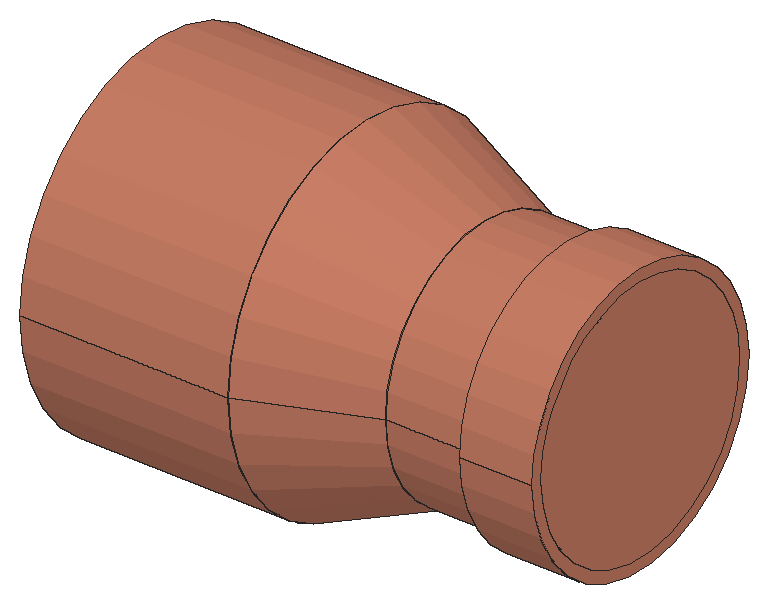
Revit family "FittingReducer-B-PressXL-Water-Gas-Conex-65-100mm", category Pipe Fittings, Revit 2019
Family settings
  Round Connector Dimension = Use Diameter
  Part Type = Transition
  OmniClass Number = 23.60.30.11.14
  OmniClass Title = Pipework Fittings
  Work Plane-Based = No
  Always vertical = Yes
  Cut with Voids When Loaded = No
  Shared = No
Parameters (values of type "Water")
  Z [instance] = if(NominalDiameter_1 > NominalDiameter_2, size_lookup(Lookup Table Name, "Z", L * 0.7, NominalDiameter_1, NominalDiameter_2, WorkingFluidSelector_Validation), size_lookup(Lookup Table Name, "Z", L * 0.7, NominalDiameter_2, NominalDiameter_1, WorkingFluidSelector_Validation))  # 96 mm
  WorkingFluidSelector_Validation [instance] = 2
  WorkingFluidSelector [instance] = WorkingFluidSelector_Validation  # 2
  WorkingFluid [instance] = if(WorkingFluidSelector = 1, "Gas", if(WorkingFluidSelector = 2, "Water", "WorkingFluid NA"))  # "Water"
  Uniformat IIElements = "TBC"
  URL = "http://www.conexbanninger.com.au/products/b-press-fittings#t=b-press-xl"
  Type Comments = "TBC"
  SerialNumber [instance] = ""
  SealRingLength [instance] = EngagementLength * 0.35  # 21 mm
  RightSideSealRingDiameter [instance] = NominalDiameter_2 * 1.2  # 78 mm
  LeftSideSealRingDiameter [instance] = NominalDiameter_1 * 1.2  # 120 mm
  RightSocketLength [instance] = if(NominalDiameter_1 < NominalDiameter_2, EngagementLength, L - (Z - 2 mm))  # 45 mm
  RightSocketDepth [instance] = if(NominalDiameter_1 < NominalDiameter_2, 0 mm, L - Z)  # 43 mm
  ProductCode [instance] = if(and(NominalDiameter_1 = 65 mm, NominalDiameter_2 = 40 mm, WorkingFluidSelector = 1), "404897", if(and(NominalDiameter_1 = 40 mm, NominalDiameter_2 = 65 mm, WorkingFluidSelector = 1), "404897", if(and(NominalDiameter_1 = 65 mm, NominalDiameter_2 = 50 mm, WorkingFluidSelector = 1), "404898", if(and(NominalDiameter_1 = 50 mm, NominalDiameter_2 = 65 mm, WorkingFluidSelector = 1), "404898", if(and(NominalDiameter_1 = 80 mm, NominalDiameter_2 = 50 mm, WorkingFluidSelector = 1), "404899", if(and(NominalDiameter_1 = 50 mm, NominalDiameter_2 = 80 mm, WorkingFluidSelector = 1), "404899", if(and(NominalDiameter_1 = 80 mm, NominalDiameter_2 = 65 mm, WorkingFluidSelector = 1), "404900", if(and(NominalDiameter_1 = 65 mm, NominalDiameter_2 = 80 mm, WorkingFluidSelector = 1), "404900", if(and(NominalDiameter_1 = 100 mm, NominalDiameter_2 = 50 mm, WorkingFluidSelector = 1), "404901", if(and(NominalDiameter_1 = 50 mm, NominalDiameter_2 = 100 mm, WorkingFluidSelector = 1), "404901", if(and(NominalDiameter_1 = 100 mm, NominalDiameter_2 = 65 mm, WorkingFluidSelector = 1), "404902", if(and(NominalDiameter_1 = 65 mm, NominalDiameter_2 = 100 mm, WorkingFluidSelector = 1), "404902", if(and(NominalDiameter_1 = 100 mm, NominalDiameter_2 = 80 mm, WorkingFluidSelector = 1), "404903", if(and(NominalDiameter_1 = 80 mm, NominalDiameter_2 = 100 mm, WorkingFluidSelector = 1), "404903", if(and(NominalDiameter_1 = 65 mm, NominalDiameter_2 = 40 mm, WorkingFluidSelector = 2), "404831", if(and(NominalDiameter_1 = 40 mm, NominalDiameter_2 = 65 mm, WorkingFluidSelector = 2), "404831", if(and(NominalDiameter_1 = 65 mm, NominalDiameter_2 = 50 mm, WorkingFluidSelector = 2), "404832", if(and(NominalDiameter_1 = 50 mm, NominalDiameter_2 = 65 mm, WorkingFluidSelector = 2), "404832", if(and(NominalDiameter_1 = 80 mm, NominalDiameter_2 = 50 mm, WorkingFluidSelector = 2), "404833", if(and(NominalDiameter_1 = 50 mm, NominalDiameter_2 = 80 mm, WorkingFluidSelector = 2), "404833", if(and(NominalDiameter_1 = 80 mm, NominalDiameter_2 = 65 mm, WorkingFluidSelector = 2), "404834", if(and(NominalDiameter_1 = 65 mm, NominalDiameter_2 = 80 mm, WorkingFluidSelector = 2), "404834", if(and(NominalDiameter_1 = 100 mm, NominalDiameter_2 = 50 mm, WorkingFluidSelector = 2), "404835", if(and(NominalDiameter_1 = 50 mm, NominalDiameter_2 = 100 mm, WorkingFluidSelector = 2), "404835", if(and(NominalDiameter_1 = 100 mm, NominalDiameter_2 = 65 mm, WorkingFluidSelector = 2), "404836", if(and(NominalDiameter_1 = 65 mm, NominalDiameter_2 = 100 mm, WorkingFluidSelector = 2), "404836", if(and(NominalDiameter_1 = 100 mm, NominalDiameter_2 = 80 mm, WorkingFluidSelector = 2), "404837", if(and(NominalDiameter_1 = 80 mm, NominalDiameter_2 = 100 mm, WorkingFluidSelector = 2), "404837", "ProductCode NA"))))))))))))))))))))))))))))  # "404836"
  Option_1 [instance] = not(Option_2)  # yes
  Option_2 [instance] = NominalDiameter_2 > NominalDiameter_1  # no
  OmniclassProducts = "TBC"
  NATSPECWorkSection = "TBC"
  Model Version = "2015"
  Model Status [instance] = ""
  Model Specification = "BMA"
  Mark [instance] = ""
  Loss Method = Not Defined
  LeftSocketLength [instance] = if(NominalDiameter_1 > NominalDiameter_2, EngagementLength, L - (Z - 2 mm))  # 60 mm
  LeftSocketDepth [instance] = if(NominalDiameter_1 > NominalDiameter_2, 0 mm, L - Z)  # 0 mm
  L [instance] = if(NominalDiameter_1 > NominalDiameter_2, size_lookup(Lookup Table Name, "L", NominalDiameter_1 * 2.5, NominalDiameter_1, NominalDiameter_2, WorkingFluidSelector_Validation), size_lookup(Lookup Table Name, "L", NominalDiameter_1 * 2.5, NominalDiameter_2, NominalDiameter_1, WorkingFluidSelector_Validation))  # 139 mm
  built-in parameter 1114211 [instance] = 50 mm
  built-in parameter 1114212 [instance] = 50 mm
  NominalDiameter_2 [instance] = 65 mm
  NominalDiameter_1 [instance] = 100 mm
  ModifiedIssue_ANZRS = 20161220.54  # constant formula
  Model = "Fitting Reducer"  # constant formula
  Material = Copper
  Manufacturer = "Conex | Bänninger"  # constant formula
  Lookup Table Name [instance] = "FittingReducer-B-PressXL-Water-Gas-Conex-65-100mm"
  K Coefficient Table = "Reducer/Coupling/Union/Increaser"
  built-in parameter 1114238 [instance] = not(0 mm < size_lookup(Lookup Table Name, "L", 0 mm, NominalDiameter_1, NominalDiameter_2))  # (empty or 0)
  FittingOutsideDiameter_2 [instance] = if(NominalDiameter_1 > NominalDiameter_2, NominalDiameter_2 * 1.1, NominalDiameter_2 * 1)  # 71.5 mm
  FittingOutsideDiameter_1 [instance] = if(NominalDiameter_1 > NominalDiameter_2, NominalDiameter_1, NominalDiameter_1 * 1.1)  # 100 mm
  FinalHHWFlow [instance] = 0.0 L/s
  EngagementLength [instance] = if(NominalDiameter_1 > NominalDiameter_2, size_lookup(Lookup Table Name, "EL", NominalDiameter_1, NominalDiameter_1, NominalDiameter_2, WorkingFluidSelector_Validation), size_lookup(Lookup Table Name, "EL", NominalDiameter_1, NominalDiameter_2, NominalDiameter_1, WorkingFluidSelector_Validation))  # 60 mm
  Description = ">B< Press XL has only two internal parts, the grip ring and the seal. Both parts have an internal diameter larger than the tube, which allows for easy tube insertion and pre press leak indication."  # constant formula
  CustomFitting [instance] = not(0 mm < size_lookup(Lookup Table Name, "L", 0 mm, NominalDiameter_1, NominalDiameter_2))  # no
  CreatedByURL_ANZRS = "http://www.bimmepaus.com.au/"
  CreatedBy = "A2K Technologies"  # constant formula
  Assembly Code = "D2090800"
Types (2, lengths in mm): name | WorkingFluidSelector_Validation | WorkingFluidSelector | WorkingFluid | ProductCode
  Gas | 1 | 1 | "Gas" | "404902"
  Water | 2 | 2 | "Water" | "404836"
Reference planes
  plane 1 "Center (Front/Back)": y = 0
  plane 2: z = 0
  plane 3 "Center (Left/Right)": x = 0
  plane 4 "LEL": x = 60
  plane 5 "Z_R": x = 96
  plane 6: x = 139
  plane 7 "r2": z = 0
  plane 8: y = 50
  plane 9: y = -50
  plane 10: y = 0
  plane 11: z = -50
  plane 12: z = 50
  plane 13 "T_R": x = 94
  plane 14 "LSRL": x = 21
  plane 15 "RSRL": x = 118
  plane 16 "Left Socket Depth": x = 0
  plane 17 "Right Socket Depth": x = 96
Forms (mm)
  Extrusion 1, solid, material "Copper" <- "Material", detail levels fine
    sketch origin (0, 0, 5) x (0, 1, 0) y (0, 0, 1)
      loop
        circle (0, -5) r 50
    from 0 to 60
  Extrusion 2, solid, material "Copper" <- "Material", detail levels fine
    sketch origin (0, -1.25, -1) x (0, 1, 0) y (0, 0, 1)
      loop
        circle (1.25, 1) r 35.75
    from 94 to 139
  Blend 3, solid, material "Copper" <- "Material", detail levels fine
    base sketch origin (94, -1.25, -1) x (0, -1, 0) y (0, 0, 1)
      loop
        circle (-1.25, 1) r 50
    top sketch origin (94, -1.25, -1) x (0, -1, 0) y (0, 0, 1)
      loop
        circle (-1.25, 1) r 35.75
    from 34 to 0
  Extrusion 4, solid, material "Copper" <- "Material", visible <- "Option_2", detail levels fine
    sketch origin (0, 0, 5) x (0, -1, 0) y (0, 0, 1)
      loop
        circle (0, -5) r 60
    from 0 to -21
  Extrusion 5, solid, material "Copper" <- "Material", visible <- "Option_1", detail levels fine
    sketch origin (139, 2000, 1200) x (0, 1, 0) y (0, 0, 1)
      loop
        circle (-2000, -1200) r 39
    from 0 to -21
Lines and regions (mm)
  model lines, visible <- "Option_1", detail levels coarse+medium
    curve 1: line (0, 50, 0) -> (0, -50, 0)
    curve 2: line (0, 50, 0) -> (96, 0, 0)
    curve 3: line (0, -50, 0) -> (96, 0, 0)
  model lines, visible <- "Option_2", detail levels coarse+medium
    curve 4: line (96, -50, 0) -> (96, 50, 0)
    curve 5: line (96, 50, 0) -> (0, 0, 0)
    curve 6: line (96, -50, 0) -> (0, 0, 0)
Dimensions and locks
  "L": plane 3 "Center (Left/Right)" to plane 6
  equal spacing: plane 8, plane 1 "Center (Front/Back)", plane 9
  "NominalDiameter_1": plane 8 to plane 9
  "built-in parameter 1114211": plane 10 to plane 9
  "built-in parameter 1114212": plane 7 "r2" to plane 11
  equal spacing: plane 12, level, plane 11
  "NominalDiameter_1": plane 12 to plane 11
  locked: plane 13 "T_R" to plane 5 "Z_R" at 2
  "LeftSocketLength": plane 3 "Center (Left/Right)" to plane 4 "LEL"
  "SealRingLength": plane 3 "Center (Left/Right)" to plane 14 "LSRL"
  "SealRingLength": plane 15 "RSRL" to plane 6
  equal spacing: curve 4, plane 10, curve 4
  "NominalDiameter_1": curve 4 to curve 4
  "RightSocketDepth": plane 17 "Right Socket Depth" to plane 6
  "LeftSocketDepth": plane 3 "Center (Left/Right)" to plane 16 "Left Socket Depth"
  locked: connector elem to plane 1 "Center (Front/Back)" at 0
  locked: connector elem to level at 0
  locked: connector elem to plane 10 at 0
  locked: connector elem to plane 7 "r2"
  "NominalDiameter_1": curve 2 to curve 3
  equal spacing: curve 3, plane 1 "Center (Front/Back)", curve 2
  "RightSocketLength": plane 13 "T_R" to plane 6
  "FittingOutsideDiameter_2": diameter of Extrusion 2 sketch curve
  "FittingOutsideDiameter_1": diameter of Extrusion 1 sketch curve
  "LeftSideSealRingDiameter": diameter of Extrusion 4 sketch curve
  "RightSideSealRingDiameter": diameter of Extrusion 5 sketch curve
  aligned and locked: Extrusion 1 to plane 3 "Center (Left/Right)"
  aligned and locked: plane 4 "LEL" to Extrusion 1
  aligned and locked: plane 6 to Extrusion 2
  aligned and locked: plane 1 "Center (Front/Back)" to Extrusion 1 sketch curve
  aligned and locked: plane 7 "r2" to Extrusion 2 sketch curve
  aligned and locked: plane 10 to Extrusion 2 sketch curve
  aligned and locked: level to Extrusion 1 sketch curve
  aligned and locked: Extrusion 2 to plane 13 "T_R"
  aligned and locked: Blend 3 sketch curve to Extrusion 1  (x2)
  aligned and locked: Blend 3 sketch curve to Extrusion 2  (x2)
  aligned and locked: plane 4 "LEL" to Blend 3
  aligned and locked: Blend 3 to Extrusion 2
  aligned and locked: level to Extrusion 4 sketch curve
  aligned and locked: plane 1 "Center (Front/Back)" to Extrusion 4 sketch curve
  aligned and locked: plane 3 "Center (Left/Right)" to Extrusion 4
  aligned and locked: plane 14 "LSRL" to Extrusion 4
  aligned and locked: plane 17 "Right Socket Depth" to curve 4
  aligned and locked: plane 17 "Right Socket Depth" to curve 3
  aligned and locked: plane 10 to curve 2
  aligned and locked: curve 1 to plane 16 "Left Socket Depth"
  aligned and locked: plane 16 "Left Socket Depth" to curve 5
  aligned and locked: plane 1 "Center (Front/Back)" to curve 5
  aligned and locked: plane 10 to Extrusion 5 sketch curve
  aligned and locked: plane 7 "r2" to Extrusion 5 sketch curve
  aligned and locked: Extrusion 5 to plane 6
  aligned and locked: Extrusion 5 to plane 15 "RSRL"
Connectors
  piping at (0, 0, 0), diameter 100, driven by "NominalDiameter_1"
    settings: on plane 16 "Left Socket Depth", index 1, connector inside diameter 609.6 mm, connector length 0 mm, flow factor 0, pipe flow 0.0 L/s, pressure drop 0.0 Pa, fitting loss kfactor 0, connector angle 0.00°, fixture units 0, engagement length 0 mm, angle of deflection 0.00°, flow configuration 0, flow direction 0, fitting loss method 0, system type 28, joint type 0, gender type 0, connector reference index 2, connector utility 0, adjustable connector no, is connector primary yes, connector description ""
  piping at (96, 0, 0), diameter 65, driven by "NominalDiameter_2"
    settings: on plane 17 "Right Socket Depth", index 2, connector inside diameter 609.6 mm, connector length 0 mm, flow factor 0, pipe flow 0.0 L/s, pressure drop 0.0 Pa, fitting loss kfactor 0, connector angle 0.00°, fixture units 0, engagement length 0 mm, angle of deflection 0.00°, flow configuration 0, flow direction 0, fitting loss method 0, system type 28, joint type 0, gender type 0, connector reference index 1, connector utility 0, adjustable connector no, is connector primary no, connector description ""
